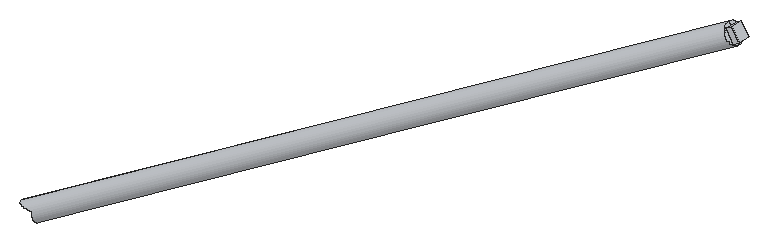
Revit family "三节苗下斜苗", category 常规模型, Revit 2022
Family settings
  可将钢筋附着到主体 = 否
  圆形连接件大小 = 使用直径
  零件类型 = 标准
  基于工作平面 = 否
  总是垂直 = 是
  加载时剪切的空心 = 否
  保持注释方向 = 否
  共享 = 否
  房间计算点 = 否
Parameters
  默认高程 = 0 mm
  三节苗垫苗木宽度 = 265.464 mm
  r = 150 mm
  alpha = 30.00°
  L = 12000 mm
  025 = 100 mm
  023 = 90.00°
  022 = alpha  # 30.00°
  021 = 90.00°
  020 = 90.00°
  019 = r * 0.3  # 45 mm
  018 = r * 1.4  # 210 mm
  017 = L + 100 mm  # 12100 mm
  016 = -r * 0.6  # -90 mm
  015 = r * 0.6  # 90 mm
  014 = r + r  # 300 mm
  013 = -2 * r  # -300 mm
  012 = alpha  # 30.00°
  011 = 0 mm
  010 = 0 mm
  009 = L  # 12000 mm
  008 = r  # 150 mm
  007 = 90.00°
  006 = 90.00°
  005 = 90.00°
  004 = alpha  # 30.00°
  002 = 90.00°
  001 = 90.00°
  000 = 90.00°
Reference planes
  plane 1 "中心(前/后)": y = 0
  plane 2: z = 0
  plane 3 "中心(左/右)": x = 0
Forms (mm)
  Revolve 1, solid
    sketch origin (0, 0, 0) x (1, 0, 0) y (0, 0, 1)
      loop
        line (12496.604, 7443.86) -> (2104.299, 1443.86) -> (2179.299, 1313.956) -> (12571.604, 7313.956) -> (12496.604, 7443.86)
      axis (12571.604, 7313.956) -> (2179.299, 1313.956)
    angle from 0 to 360
  Extrusion 2, void
    sketch origin (0, 0, 0) x (1, 0, 0) y (0, 0, 1)
      loop
        line (2104.299, 1443.86) -> (2104.299, 1117.093) -> (2369.763, 1117.093) -> (2369.763, 1443.86) -> (2104.299, 1443.86)
    from -300 <- "013" to 300 <- "014"
  Extrusion 3, solid
    sketch origin (0, 0, 0) x (1, 0, 0) y (0, 0, 1)
      loop
        line (12519.104, 7404.888) -> (12624.104, 7223.023) -> (12710.706, 7273.023) -> (12605.706, 7454.888) -> (12519.104, 7404.888)
    from -90 <- "016" to 90 <- "015"
Cuts and joins
  Extrusion 2 cuts Revolve 1
Lines and regions (mm)
  reference lines
    curve 1: line (2179.299, 0, 1313.956) -> (4679.299, 0, 1313.956)
    curve 2: line (2179.299, 0, 1313.956) -> (2104.299, 0, 1443.86)
    curve 3: line (12571.604, 0, 7313.956) -> (2179.299, 0, 1313.956)
    curve 4: line (12496.604, 0, 7443.86) -> (12571.604, 0, 7313.956)
    curve 5: line (2104.299, 0, 1443.86) -> (12496.604, 0, 7443.86)
Dimensions and locks
  "r": curve 5 to curve 3
  "L": curve 4 to curve 2
  "008": Revolve 1 sketch curve to Revolve 1 sketch curve
  "009": Revolve 1 sketch curve to Revolve 1 sketch curve
  "010": Revolve 1 sketch curve to curve 5
  "011": curve 2 to Revolve 1 sketch curve
  "017": Extrusion 3 sketch curve to curve 2
  "018": Extrusion 3 sketch curve to Extrusion 3 sketch curve
  "019": curve 5 to Extrusion 3 sketch curve
  "三节苗垫苗木宽度": Extrusion 2 sketch curve to Extrusion 2 sketch curve
  "025": Extrusion 3 sketch curve to Extrusion 3 sketch curve
  "alpha": angle curve 1 to curve 3
  "000": angle curve 3 to curve 2
  "002": angle curve 2 to curve 5
  "001": angle curve 4 to curve 3
  "004": angle curve 1 to Revolve 1 sketch curve
  "005": angle Revolve 1 sketch curve to Revolve 1 sketch curve
  "006": angle Revolve 1 sketch curve to Revolve 1 sketch curve
  "007": angle Revolve 1 sketch curve to Revolve 1 sketch curve
  "012": angle curve 1 to Revolve 1 sketch curve
  "022": angle curve 1 to Extrusion 3 sketch curve
  "021": angle Extrusion 3 sketch curve to Extrusion 3 sketch curve
  "020": angle Extrusion 3 sketch curve to Extrusion 3 sketch curve
  "023": angle Extrusion 3 sketch curve to Extrusion 3 sketch curve
  aligned and locked: level to plane 2
  aligned and locked: curve 3 to Revolve 1 sketch curve
Automatic sketch dimensions
  plane 3 "中心(左/右)" to curve 5 = 2104.299 mm
  level to curve 1 = 1313.956 mm
  level to Revolve 1 sketch curve = 313.956 mm
  plane 3 "中心(左/右)" to Extrusion 2 sketch curve = 2104.299 mm
  level to Extrusion 2 sketch curve = 1117.093 mm
  Extrusion 2 sketch curve to Extrusion 2 sketch curve = 326.767 mm
